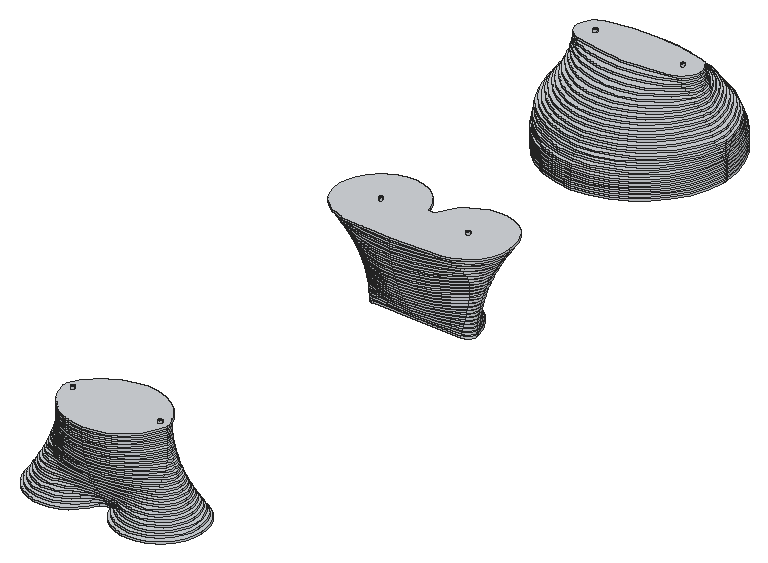
Revit family "Sedute", category Mass, Revit 2012 (continued)
Definition of nested family "MN-Sezione_CC_h"
  Parameters (values of type "SezioneCC_h")
    bottom_h_r [instance] = (bottom_r + r_ctrl) - bottom_conca_h_ctrl  # 270.833 mm
    bottom_conca_h_ctrl [instance] = if(bottom_conca_h > r_ctrl + interasse / 2 - 20 mm, r_ctrl + interasse / 2 - 20 mm, if(bottom_conca_h < r_ctrl + 1 mm, r_ctrl + 1 mm, bottom_conca_h))  # 500 mm
    bottom_conca_h [instance] = 500 mm
    bottom_r [instance] = (interasse ^ 2 + 4 * (bottom_conca_h_ctrl ^ 2) - 16 * bottom_conca_h_ctrl * r_ctrl + 12 * (r_ctrl ^ 2)) / (8 * (bottom_conca_h_ctrl - r_ctrl)) + 2 * r_ctrl  # 645.833 mm
    bottom_cerchio_a [instance] = 90.00° - bottom_angolo  # 16.2602°
    bottom_angolo [instance] = 90.00° - 2 * atan((interasse - 2 * bottom_conca_h_ctrl + 2 * r_ctrl) / (interasse + 2 * bottom_conca_h_ctrl - 2 * r_ctrl))  # 73.7398°
    Default Elevation = 1219.2 mm
  Reference planes
    plane 1 "Center (Front/Back)": y = 0
    plane 2: z = 0
    plane 3 "Center (Left/Right)": x = 0
    plane 4: x = 1000
    plane 5: x = 500
    plane 6: z = 20
    plane 7: y = 125
    plane 8: y = -125
    plane 9: y = 145.833
    plane 10: y = -145.833
  Forms (mm)
    Extrusion 1, solid
      sketch origin (0, 0, 0) x (1, 0, 0) y (0, 1, 0)
        loop
          arc (500, -500) -> (887.5, -370.833) -> (1120, -35) r 645.833
          arc (1120, -35) -> (1123.744, -17.678) -> (1125, 0) r 125
          arc (1125, 0) -> (1123.744, 17.678) -> (1120, 35) r 125
          arc (1120, 35) -> (887.5, 370.833) -> (500, 500) r 645.833
          arc (500, 500) -> (112.5, 370.833) -> (-120, 35) r 645.833
          arc (-120, 35) -> (-123.744, 17.678) -> (-125, 0) r 125
          arc (-125, 0) -> (-123.744, -17.678) -> (-120, -35) r 125
          arc (-120, -35) -> (112.5, -370.833) -> (500, -500) r 645.833
      from 0 to 20
    Extrusion 2, void
      sketch origin (0, 0, 0) x (1, 0, 0) y (0, 1, 0)
        loop
          circle (0, 0) r 10
        loop
          circle (1000, 0) r 10
      from 0 to 20
  Cuts and joins
    Extrusion 2 cuts Extrusion 1
  Dimensions and locks
    equal spacing: plane 4, plane 5, plane 3 "Center (Left/Right)"
    "interasse_half": plane 5 to plane 3 "Center (Left/Right)"
    "r_ctrl": plane 8 to plane 1 "Center (Front/Back)"
    "r_ctrl": plane 1 "Center (Front/Back)" to plane 7
    "bottom_h_r": plane 9 to plane 8
    "top_h_r": plane 10 to plane 7
    "spessore": plane 6 to plane 2
    "bottom_r": radius of Extrusion 1 sketch curve
    "top_r": radius of Extrusion 1 sketch curve
    "r_ctrl": radius of Extrusion 1 sketch curve  (x4)
    "foro_r_ctrl": radius of Extrusion 2 sketch curve  (x2)
    "top_angolo": angle Extrusion 1 sketch curve to Extrusion 1 sketch curve  (x2)
    "bottom_angolo": angle Extrusion 1 sketch curve to Extrusion 1 sketch curve  (x2)
    "bottom_cerchio_a": angle Extrusion 1 sketch curve to Extrusion 1 sketch curve  (x2)
    "top_cerchio_a": angle Extrusion 1 sketch curve to Extrusion 1 sketch curve  (x2)
    aligned and locked: level to plane 2
    aligned and locked: plane 10 to Extrusion 1 sketch curve  (x2)
    aligned and locked: plane 5 to Extrusion 1 sketch curve  (x6)
    aligned and locked: plane 9 to Extrusion 1 sketch curve
    aligned and locked: plane 3 "Center (Left/Right)" to Extrusion 1 sketch curve
    aligned and locked: plane 4 to Extrusion 1 sketch curve
    aligned and locked: plane 1 "Center (Front/Back)" to Extrusion 1 sketch curve  (x6)
    aligned and locked: Extrusion 1 to plane 6
    aligned and locked: plane 3 "Center (Left/Right)" to Extrusion 2 sketch curve
    aligned and locked: plane 1 "Center (Front/Back)" to Extrusion 2 sketch curve  (x2)
    aligned and locked: plane 4 to Extrusion 2 sketch curve
    aligned and locked: Extrusion 2 to plane 6
  Automatic sketch dimensions
    Extrusion 1 sketch curve to Extrusion 1 sketch curve = 0 mm
Definition of nested family "MN-Spessore"
  Parameters (values of type "Sezione")
    r_interno_ctrl = if(r_interno > r_esterno, r_esterno - 1 mm, r_interno)  # 20 mm
    r_interno = 20 mm
    r_esterno = 70 mm
    materiale = none
    altezza [instance] = 200 mm
  Reference planes
    plane 1 "Center (Front/Back)": y = 0
    plane 2: z = 0
    plane 3 "Center (Left/Right)": x = 0
    plane 4: z = 200
  Forms (mm)
    Extrusion 1, solid
      sketch origin (0, 0, 0) x (1, 0, 0) y (0, 1, 0)
        loop
          circle (0, 0) r 70
        loop
          circle (0, 0) r 20
      from 0 to 200
  Dimensions and locks
    "altezza": plane 4 to plane 2
    "r_interno": radius of Extrusion 1 sketch curve
    "r_esterno": radius of Extrusion 1 sketch curve
    aligned and locked: level to plane 2
    aligned and locked: plane 1 "Center (Front/Back)" to Extrusion 1 sketch curve  (x2)
    aligned and locked: plane 3 "Center (Left/Right)" to Extrusion 1 sketch curve  (x2)
    aligned and locked: plane 4 to Extrusion 1
Definition of nested family "MN-Tondino"
  Parameters (values of type "Tondino")
    raggio = 440 mm
    altezza [instance] = 250 mm
    materiale = none
  Reference planes
    plane 1 "Center (Front/Back)": y = 0
    plane 2: z = 0
    plane 3 "Center (Left/Right)": x = 0
    plane 4: z = 250
  Forms (mm)
    Extrusion 1, solid
      sketch origin (0, 0, 0) x (1, 0, 0) y (0, 1, 0)
        loop
          circle (0, 0) r 440
      from 0 to 250
  Dimensions and locks
    "altezza": plane 4 to plane 2
    "raggio": radius of Extrusion 1 sketch curve
    aligned and locked: level to plane 2
    aligned and locked: plane 4 to Extrusion 1
  Automatic sketch dimensions
    plane 1 "Center (Front/Back)" to Extrusion 1 sketch curve = 0 mm
    Extrusion 1 sketch curve to plane 3 "Center (Left/Right)" = 0 mm
Definition of nested family "MN-Sezione_T_h"
  Parameters (values of type "SezioneT_h")
    top_h_r [instance] = top_r + top_conca_h_ctrl + r_ctrl  # 31300 mm
    top_conca_h [instance] = 83.5 mm
    top_conca_h_ctrl [instance] = if(top_conca_h > r_ctrl - 1 mm, r_ctrl - 1 mm, if(top_conca_h < -r_ctrl + conca_distanza_min, -r_ctrl + 1 mm + conca_distanza_min, top_conca_h))  # 49.5 mm
    top_cerchio_a [instance] = top_angolo + 90.00°  # 90.4584°
    top_angolo [instance] = 90.00° - 2 * (atan((interasse + 2 * top_conca_h_ctrl - 2 * r_ctrl) / (interasse - 2 * top_conca_h_ctrl + 2 * r_ctrl)))  # 0.458364°
    spessore_half [instance] = spessore / 2  # 10 mm
    spessore [instance] = 20 mm
    r_ctrl [instance] = if(and(r > 0 mm, r > conca_distanza_min), if(r > interasse_half, interasse_half - 10 mm, r), conca_distanza_min + 10 mm)  # 50.5 mm
    r [instance] = 50.5 mm
    materiale = none
    foro_r_ctrl [instance] = if(foro_r < r, foro_r, r - 10 mm)  # 10 mm
    foro_r = 10 mm
    conca_distanza_min = 20 mm
    interasse_half [instance] = interasse / 2  # 250 mm
    top_r [instance] = (-(interasse ^ 2) - 4 * (top_conca_h_ctrl ^ 2) + 4 * (r_ctrl ^ 2)) / (8 * (top_conca_h_ctrl - r_ctrl))  # 31200 mm
    interasse [instance] = 500 mm
    bottom_h_r [instance] = (bottom_r + r_ctrl) - bottom_conca_h_ctrl  # 31300 mm
    bottom_conca_h_ctrl [instance] = if(bottom_conca_h > r_ctrl + interasse / 2 - 20 mm, r_ctrl + interasse / 2 - 20 mm, if(bottom_conca_h < r_ctrl + 1 mm, r_ctrl + 1 mm, bottom_conca_h))  # 51.5 mm
    bottom_conca_h [instance] = 27.6 mm
    bottom_r [instance] = (interasse ^ 2 + 4 * (bottom_conca_h_ctrl ^ 2) - 16 * bottom_conca_h_ctrl * r_ctrl + 12 * (r_ctrl ^ 2)) / (8 * (bottom_conca_h_ctrl - r_ctrl)) + 2 * r_ctrl  # 31301 mm
    bottom_cerchio_a [instance] = 90.00° - bottom_angolo  # 89.5416°
    bottom_angolo [instance] = 90.00° - 2 * atan((interasse - 2 * bottom_conca_h_ctrl + 2 * r_ctrl) / (interasse + 2 * bottom_conca_h_ctrl - 2 * r_ctrl))  # 0.458364°
    Default Elevation = 1219.2 mm
  Reference planes
    plane 1 "Center (Front/Back)": y = 0
    plane 2: z = 0
    plane 3 "Center (Left/Right)": x = 0
    plane 4: x = 500
    plane 5: x = 250
    plane 6: y = 31249.5
    plane 7: y = -50.5
    plane 8: y = 31249.5
    plane 9: z = 20
  Forms (mm)
    Extrusion 1, solid
      sketch origin (0, 0, 0) x (1, 0, 0) y (0, 1, 0)
        loop
          arc (250, -51.5) -> (375.203, -51.25) -> (500.404, -50.498) r 31301
          arc (500.404, -50.498) -> (535.851, -35.566) -> (550.5, 0) r 50.5
          arc (550.5, 0) -> (535.566, 35.851) -> (499.596, 50.498) r 50.5
          arc (499.596, 50.498) -> (374.799, 49.75) -> (250, 49.5) r 31200
          arc (250, 49.5) -> (125.201, 49.75) -> (0.404, 50.498) r 31200
          arc (0.404, 50.498) -> (-35.566, 35.851) -> (-50.5, 0) r 50.5
          arc (-50.5, 0) -> (-35.851, -35.566) -> (-0.404, -50.498) r 50.5
          arc (-0.404, -50.498) -> (124.797, -51.25) -> (250, -51.5) r 31301
      from 0 to 20
    Extrusion 2, void
      sketch origin (0, 0, 0) x (1, 0, 0) y (0, 1, 0)
        loop
          circle (0, 0) r 10
        loop
          circle (500, 0) r 10
      from 0 to 20
  Cuts and joins
    Extrusion 2 cuts Extrusion 1
  Dimensions and locks
    equal spacing: plane 4, plane 5, plane 3 "Center (Left/Right)"
    "interasse_half": plane 5 to plane 3 "Center (Left/Right)"
    "r_ctrl": plane 7 to plane 1 "Center (Front/Back)"
    "top_h_r": plane 6 to plane 7
    "bottom_h_r": plane 8 to plane 7
    "spessore": plane 9 to level
    "top_r": radius of Extrusion 1 sketch curve
    "bottom_r": radius of Extrusion 1 sketch curve
    "r_ctrl": radius of Extrusion 1 sketch curve  (x4)
    "foro_r_ctrl": radius of Extrusion 2 sketch curve  (x2)
    "top_angolo": angle Extrusion 1 sketch curve to Extrusion 1 sketch curve  (x2)
    "bottom_angolo": angle Extrusion 1 sketch curve to Extrusion 1 sketch curve  (x2)
    "bottom_cerchio_a": angle Extrusion 1 sketch curve to Extrusion 1 sketch curve  (x2)
    "top_cerchio_a": angle Extrusion 1 sketch curve to Extrusion 1 sketch curve  (x2)
    aligned and locked: level to plane 2
    aligned and locked: plane 6 to Extrusion 1 sketch curve
    aligned and locked: plane 5 to Extrusion 1 sketch curve  (x4)
    aligned and locked: plane 8 to Extrusion 1 sketch curve
    aligned and locked: plane 1 "Center (Front/Back)" to Extrusion 1 sketch curve  (x6)
    aligned and locked: plane 3 "Center (Left/Right)" to Extrusion 1 sketch curve
    aligned and locked: plane 4 to Extrusion 1 sketch curve
    aligned and locked: plane 1 "Center (Front/Back)" to Extrusion 2 sketch curve  (x2)
    aligned and locked: plane 3 "Center (Left/Right)" to Extrusion 2 sketch curve
    aligned and locked: plane 4 to Extrusion 2 sketch curve
    aligned and locked: plane 9 to Extrusion 1
    aligned and locked: Extrusion 1 to Extrusion 2
  Automatic sketch dimensions
    Extrusion 1 sketch curve to Extrusion 1 sketch curve = 0 mm  (x2)
Definition of nested family "MN-Sezione_TB_h"
  Parameters (values of type "SezioneTB_h")
    top_h_r [instance] = top_r + top_conca_h_ctrl + r_ctrl  # 650 mm
    top_conca_h [instance] = 0 mm
    top_conca_h_ctrl [instance] = if(top_conca_h > r_ctrl - 1 mm, r_ctrl - 1 mm, if(top_conca_h < -r_ctrl, -r_ctrl + 1 mm, top_conca_h))  # 0 mm
    top_cerchio_a [instance] = top_angolo + 90.00°  # 112.62°
    top_angolo [instance] = 90.00° - 2 * (atan((interasse + 2 * top_conca_h_ctrl - 2 * r_ctrl) / (interasse - 2 * top_conca_h_ctrl + 2 * r_ctrl)))  # 22.6199°
    spessore_half [instance] = spessore / 2  # 10 mm
    spessore [instance] = 20 mm
    r_ctrl [instance] = if(and(r > 0 mm, r > conca_distanza_min), if(r > interasse_half, interasse_half - 10 mm, r), conca_distanza_min + 10 mm)  # 50 mm
    r [instance] = 50 mm
    materiale = none
    foro_r_ctrl [instance] = if(foro_r < r, foro_r, r - 10 mm)  # 10 mm
    foro_r = 10 mm
    conca_distanza_min = 20 mm
    interasse_half [instance] = interasse / 2  # 250 mm
    top_r [instance] = (-(interasse ^ 2) - 4 * (top_conca_h_ctrl ^ 2) + 4 * (r_ctrl ^ 2)) / (8 * (top_conca_h_ctrl - r_ctrl))  # 600 mm
    interasse [instance] = 500 mm
    foro_dx_distanza [instance] = 0 mm
    foro_sx_distanza [instance] = 0 mm
    bottom_h_r [instance] = bottom_r + bottom_conca_h_ctrl + r_ctrl  # 1113.086 mm
    bottom_conca_h_ctrl [instance] = if(bottom_conca_h > r_ctrl - 1 mm, r_ctrl - conca_distanza_min, if(bottom_conca_h < -r_ctrl + conca_distanza_min, -r_ctrl + conca_distanza_min, if(bottom_conca_h + top_conca_h_ctrl > conca_distanza_min, bottom_conca_h, -top_conca_h_ctrl + conca_distanza_min + 1 mm)))  # 21 mm
    bottom_conca_h [instance] = 0 mm
    bottom_r [instance] = (-(interasse ^ 2) - 4 * (bottom_conca_h_ctrl ^ 2) + 4 * (r_ctrl ^ 2)) / (8 * (bottom_conca_h_ctrl - r_ctrl))  # 1042.086 mm
    bottom_cerchio_a [instance] = bottom_angolo + 90.00°  # 103.233°
    bottom_angolo [instance] = 90.00° - 2 * (atan((interasse + 2 * bottom_conca_h_ctrl - 2 * r_ctrl) / (interasse - 2 * bottom_conca_h_ctrl + 2 * r_ctrl)))  # 13.2335°
    Default Elevation = 1219.2 mm
  Reference planes
    plane 1 "Center (Front/Back)": y = 0
    plane 2: z = 0
    plane 3 "Center (Left/Right)": x = 0
    plane 4: x = 500
    plane 5: x = 250
    plane 6: y = 50
    plane 7: y = -1063.086
    plane 8: y = -50
    plane 9: y = 600
    plane 10: z = 20
  Forms (mm)
    Extrusion 1, solid
      sketch origin (0, 0, 0) x (1, 0, 0) y (0, 1, 0)
        loop
          arc (480.769, 46.154) -> (367.67, 11.652) -> (250, 0) r 600
          arc (250, 0) -> (132.33, 11.652) -> (19.231, 46.154) r 600
          arc (19.231, 46.154) -> (-27.735, 41.603) -> (-50, 0) r 50
          arc (-50, 0) -> (-31.046, -39.194) -> (11.446, -48.672) r 50
          arc (11.446, -48.672) -> (129.923, -27.941) -> (250, -21) r 1042.086
          arc (250, -21) -> (370.077, -27.941) -> (488.554, -48.672) r 1042.086
          arc (488.554, -48.672) -> (531.046, -39.194) -> (550, 0) r 50
          arc (550, 0) -> (527.735, 41.603) -> (480.769, 46.154) r 50
      from 0 to 20
    Extrusion 2, void
      sketch origin (0, 0, 0) x (1, 0, 0) y (0, 1, 0)
        loop
          circle (500, 0) r 10
        loop
          circle (0, 0) r 10
      from 0 to 20
  Cuts and joins
    Extrusion 2 cuts Extrusion 1
  Dimensions and locks
    equal spacing: plane 4, plane 5, plane 3 "Center (Left/Right)"
    "interasse_half": plane 5 to plane 3 "Center (Left/Right)"
    "r_ctrl": plane 8 to plane 1 "Center (Front/Back)"
    "top_h_r": plane 8 to plane 9
    "r_ctrl": plane 1 "Center (Front/Back)" to plane 6
    "bottom_h_r": plane 7 to plane 6
    "spessore": plane 10 to level
    "bottom_r": radius of Extrusion 1 sketch curve
    "top_r": radius of Extrusion 1 sketch curve
    "r_ctrl": radius of Extrusion 1 sketch curve  (x4)
    "foro_r_ctrl": radius of Extrusion 2 sketch curve  (x2)
    "bottom_angolo": angle Extrusion 1 sketch curve to Extrusion 1 sketch curve  (x2)
    "top_angolo": angle Extrusion 1 sketch curve to Extrusion 1 sketch curve  (x2)
    "bottom_cerchio_a": angle Extrusion 1 sketch curve to Extrusion 1 sketch curve  (x2)
    "top_cerchio_a": angle Extrusion 1 sketch curve to Extrusion 1 sketch curve  (x2)
    aligned and locked: level to plane 2
    aligned and locked: plane 9 to Extrusion 1 sketch curve  (x2)
    aligned and locked: plane 5 to Extrusion 1 sketch curve  (x6)
    aligned and locked: plane 7 to Extrusion 1 sketch curve  (x2)
    aligned and locked: plane 1 "Center (Front/Back)" to Extrusion 1 sketch curve  (x4)
    aligned and locked: plane 4 to Extrusion 1 sketch curve
    aligned and locked: plane 3 "Center (Left/Right)" to Extrusion 2 sketch curve
    aligned and locked: plane 1 "Center (Front/Back)" to Extrusion 2 sketch curve  (x2)
    aligned and locked: plane 4 to Extrusion 2 sketch curve
    aligned and locked: plane 10 to Extrusion 1
    aligned and locked: Extrusion 1 to Extrusion 2
  Automatic sketch dimensions
    Extrusion 1 sketch curve to plane 3 "Center (Left/Right)" = 0 mm
